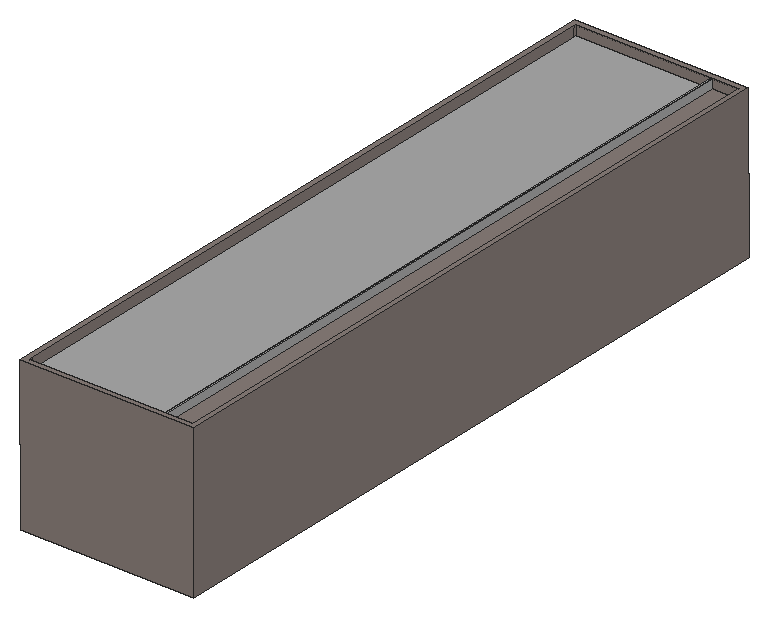
Revit family "TallUnit-40cm-Left-Vitra-MetropoleSeries-58204+58206+61298", category Furniture, host Face, Revit 2017
Family settings
  Host = Face
  OmniClass Number = 23.40.20.00
  OmniClass Title = General Furniture and Specialties
  Cut with Voids When Loaded = No
  Shared = Yes
  Room Calculation Point = No
Parameters (values of type "TallUnit(Left)-40cm-Vitra-MetropoleSeries-58204")
  Youtube = "https://www.youtube.com/user/VitrAglobal"
  Weight Net (kg) = ""
  Warranty Period (Year) = "2"
  Uniformat II Description = "Fixed Furnishings"
  Uniformat II Code = "E2010"
  Uniclass 2015 Name = "Bathroom Cabinets"
  Uniclass 2015 Code = "Pr_40_30_78_03"
  Uniclass 2.0 Description = "Bathroom Cabinets"
  Uniclass 2.0 Code = "PR-35-75-08"
  Uniclass 1.4 Description = "Bathroom Cabinets"
  Uniclass 1.4 Code = "L8241"
  URL = "https://vitraglobal.com/"
  UNSPSC Description = "Bathroom Cabinets"
  UNSPSC Code = "30161801"
  Technical description = "https://www.vitraglobal.com/pdf/58204/"
  Tap hole Options (default) = ""
  Specification = ""
  Secondary Material = Black Acrylic Glass
  Region South America = "All"
  Region Oceania = "All"
  Region North America = "All"
  Region Middle East = "All"
  Region Europe = "All"
  Region Asia = "All"
  Region Antarctica = "All"
  Region Africa = "All"
  Product url = "https://www.vitraglobal.com/bathroom-furniture/tall-units/standard-tall-units/metropole-infinit-tall-unit-sku-58204/"
  Product manual = ""
  Product group = "Bathroom Furniture"
  Product family = "Metropole"
  Product data url = "https://www.bimobject.com/vitra-bathrooms/product/58204-58206-61298"
  Product certification = "https://www.vitraglobal.com/brochures/"
  Product SKU = "58204"
  Product Guid = ""
  Primary Material = Plum Tree
  OmniClass Description = "Bathroom Cabinets"
  OmniClass Code = "23-31 25 13"
  Nominal Width (mm) = 400 mm
  Nominal Height (mm) = 1600 mm
  Nominal Depth (mm) = 350 mm
  NBS Referans Description = "Bathroom Cabinets"
  NBS Referans Code = "35-75-08"
  Mounting type = "Wall-Hung"
  Model = "58204"
  Masterformat 2014 Description = "Bathroom Casework"
  Masterformat 2014 Code = "12 35 30.23"
  Manufacturer name = "VitrA"
  Manufacturer = "Vitra"
  Main Material = "Wood"
  Installation instructions = ""
  IFC Classification = "Furniture"
  EAN code = ""
  Design country = "Turkey"
  Description = "Metropole Tall Unit"
  Default Elevation = 660 mm
  Color = "Plum Tree"
  COBIe Type Category = ""
  Brand = "VitrA"
  BIMobject category = "Storage"
  Article No. (default) = "58204"
  Accessories (default) = ""
Types (3, lengths in mm): name | Technical description | Secondary Material | Product url | Product data url | Product SKU | Primary Material | Model | Color | Article No. (default)
  TallUnit(Left)-40cm-Vitra-MetropoleSeries-58204 | "https://www.vitraglobal.com/pdf/58204/" | Black Acrylic Glass | "https://www.vitraglobal.com/bathroom-furniture/tall-units/standard-tall-units/metropole-infinit-tall-unit-sku-58204/" | "https://www.bimobject.com/vitra-bathrooms/product/58204-58206-61298" | "58204" | Plum Tree | "58204" | "Plum Tree" | "58204"
  TallUnit(Left)-40cm-Vitra-MetropoleSeries-58206 | "https://www.vitraglobal.com/pdf/58206/" | White Acrylic Glass | "https://www.vitraglobal.com/bathroom-furniture/tall-units/standard-tall-units/metropole-infinit-tall-unit-sku-58206/" | "" | "58206" | High Gloss White | "58206" | "High Gloss White" | "58206"
  TallUnit(Left)-40cm-Vitra-MetropoleSeries-61298 | "https://vitraglobal.com/" | White Acrylic Glass | "https://vitraglobal.com/" | "" | "61298" | Silver Oak | "61298" | "Silver Oak" | "61298"
Reference planes
  plane 1 "Center (Front/Back)": y = 0
  plane 2: z = 0
  plane 3 "Center (Left/Right)": x = 0
  plane 4: z = 350
  plane 5: y = 800
  plane 6: y = -800
  plane 7: x = 200
  plane 8: x = -200
Forms (mm)
  Extrusion 1, solid, material "Plum Tree" <- "Primary Material", detail levels medium+fine
    sketch origin (-194, -800, 350) x (0, -1, 0) y (1, 0, 0)
      loop
        line (-1600, -6) -> (0, -6) -> (0, 394) -> (-1600, 394) -> (-1600, 382) -> (-1600, -6)
      loop
        line (-12, 6) -> (-12, 382) -> (-1588, 382) -> (-1588, 6) -> (-1582, 6) -> (-18, 6) -> (-12, 6)
    from 0 to -350
  Extrusion 2, solid, detail levels medium+fine
    sketch origin (0, 0, 0) x (0, 1, 0) y (0, 0, 1)
      loop
        line (-791, 28) -> (-791, 19) -> (791, 19) -> (791, 28) -> (-791, 28)
    from -191 to 191
  Extrusion 3, solid, detail levels medium+fine
    sketch origin (0, 0, 0) x (0, 1, 0) y (0, 0, 1)
      loop
        line (8.003, 312.5) -> (-7.997, 312.5) -> (-7.997, 28) -> (8.003, 28) -> (8.003, 312.5)
    from -182 to 182
  Extrusion 4, solid, detail levels medium+fine
    sketch origin (0, 0, 0) x (0, 1, 0) y (0, 0, 1)
      loop
        line (-520.615, 308.5) -> (-526.615, 308.5) -> (-526.615, 28) -> (-520.615, 28) -> (-520.615, 308.5)
      loop
        line (-262.379, 308.5) -> (-268.379, 308.5) -> (-268.379, 28) -> (-262.379, 28) -> (-262.379, 308.5)
      loop
        line (269, 308) -> (263, 308) -> (263, 28) -> (269, 28) -> (269, 308)
      loop
        line (527, 308.5) -> (521, 308.5) -> (521, 28) -> (527, 28) -> (527, 308.5)
    from -182 to 181
  Extrusion 5, solid, detail levels medium+fine
    sketch origin (0, 0, 0) x (0, 1, 0) y (0, 0, 1)
      loop
        line (10.003, 3) -> (10.003, 19) -> (-69.997, 19) -> (-69.997, 3) -> (10.003, 3)
    from -191 to 191
  Extrusion 6, solid, detail levels medium+fine
    sketch origin (0, 0, 0) x (0, 1, 0) y (0, 0, 1)
      loop
        line (788, 313) -> (782, 313) -> (782, 0) -> (788, 0) -> (788, 313)
    from -181.795 to 181.795
  Extrusion 7, solid, detail levels medium+fine
    sketch origin (0, 0, 0) x (0, 1, 0) y (0, 0, 1)
      loop
        line (-782, 0) -> (-782, 313) -> (-788, 313) -> (-788, 0) -> (-782, 0)
    from -186 to 191
  Extrusion 8, solid, material "Plum Tree" <- "Primary Material", detail levels medium+fine
    sketch origin (0, 0, 0) x (1, 0, 0) y (0, 0, 1)
      loop
        line (128, 329) -> (128, 313) -> (188, 313) -> (188, 329) -> (128, 329)
    from -791 to 782
  Extrusion 9, solid, material "Black Acrylic Glass" <- "Secondary Material", detail levels medium+fine
    sketch origin (0, 0, 0) x (1, 0, 0) y (0, 0, 1)
      loop
        line (-186, 314) -> (126, 314) -> (126, 347)
        arc (126, 347) -> (125.707, 347.707) -> (125, 348) r 1
        line (125, 348) -> (122.3, 348) -> (122.3, 347) -> (124.7, 344) -> (124.7, 333) -> (122.3, 333) -> (122.3, 331.7) -> (124.7, 331.7) -> (124.7, 329) -> (-186, 329) -> (-186, 314)
    from -786 to 786
  Extrusion 10, void
    sketch origin (0, 0, 0) x (1, 0, 0) y (0, 0, 1)
      loop
        arc (129, 329) -> (36.739, 551.739) -> (-186, 644) r 315
        line (-186, 644) -> (-186, 329) -> (129, 329)
    from -788 to 788
  Extrusion 11, solid, detail levels coarse
    sketch origin (0, 0, 0) x (1, 0, 0) y (0, 1, 0)
      loop
        line (200, 800) -> (-200, 800) -> (-200, -800) -> (200, -800) -> (200, 800)
    from 0 to 350
Cuts and joins
  joined: Extrusion 1, Extrusion 8
Dimensions and locks
  "Nominal Depth (mm)": plane 4 to level
  "Nominal Width (mm)": plane 8 to plane 7
  "Nominal Height (mm)": plane 5 to plane 6
  aligned and locked: plane 2 to host face
  aligned and locked: level to host face
Automatic sketch dimensions
  host sketch curve to host sketch curve = 2438.4 mm
  host sketch curve to host sketch curve = 2743.2 mm
  Extrusion 1 sketch curve to Extrusion 1 sketch curve = 6 mm
  Extrusion 1 sketch curve to Extrusion 1 sketch curve = 0 mm
  Extrusion 1 sketch curve to Extrusion 1 sketch curve = 12 mm
  plane 6 to Extrusion 2 sketch curve = 9 mm
  Extrusion 2 sketch curve to plane 5 = 9 mm
  level to Extrusion 2 sketch curve = 19 mm
  Extrusion 2 sketch curve to Extrusion 2 sketch curve = 9 mm
  plane 1 "Center (Front/Back)" to Extrusion 3 sketch curve = 7.997 mm
  Extrusion 3 sketch curve to plane 1 "Center (Front/Back)" = 8.003 mm
  level to Extrusion 3 sketch curve = 28 mm
  Extrusion 3 sketch curve to plane 4 = 37.5 mm
  Extrusion 4 sketch curve to plane 4 = 41.5 mm  (x3)
  plane 6 to Extrusion 4 sketch curve = 273.385 mm
  Extrusion 4 sketch curve to Extrusion 4 sketch curve = 6 mm  (x4)
  level to Extrusion 4 sketch curve = 28 mm  (x4)
  Extrusion 4 sketch curve to Extrusion 4 sketch curve = 252.236 mm
  Extrusion 4 sketch curve to plane 4 = 42 mm
  Extrusion 4 sketch curve to plane 1 "Center (Front/Back)" = 263 mm
  Extrusion 4 sketch curve to Extrusion 4 sketch curve = 252 mm
  level to Extrusion 5 sketch curve = 3 mm
  plane 1 "Center (Front/Back)" to Extrusion 5 sketch curve = 69.997 mm
  Extrusion 5 sketch curve to plane 1 "Center (Front/Back)" = 10.003 mm
  Extrusion 5 sketch curve to Extrusion 5 sketch curve = 16 mm
  Extrusion 6 sketch curve to level = 0 mm
  Extrusion 6 sketch curve to plane 5 = 18 mm
  Extrusion 6 sketch curve to Extrusion 6 sketch curve = 6 mm
  Extrusion 6 sketch curve to plane 4 = 37 mm
  Extrusion 7 sketch curve to level = 0 mm
  plane 6 to Extrusion 7 sketch curve = 12 mm
  Extrusion 7 sketch curve to Extrusion 7 sketch curve = 6 mm
  Extrusion 7 sketch curve to plane 4 = 37 mm
  plane 7 to Extrusion 8 sketch curve = 72 mm
  plane 7 to Extrusion 8 sketch curve = 12 mm
  Extrusion 8 sketch curve to plane 4 = 37 mm
  Extrusion 8 sketch curve to Extrusion 8 sketch curve = 16 mm
  Extrusion 9 sketch curve to plane 8 = 14 mm
  Extrusion 9 sketch curve to plane 4 = 3 mm
  plane 7 to Extrusion 9 sketch curve = 77.7 mm
  Extrusion 9 sketch curve to Extrusion 9 sketch curve = 0 mm  (x3)
  Extrusion 9 sketch curve to Extrusion 9 sketch curve = 2.7 mm  (x2)
  Extrusion 9 sketch curve to Extrusion 9 sketch curve = 2.4 mm
  Extrusion 9 sketch curve to Extrusion 9 sketch curve = 1.3 mm  (x2)
  Extrusion 9 sketch curve to Extrusion 9 sketch curve = 3 mm
  Extrusion 9 sketch curve to Extrusion 9 sketch curve = 11 mm
  Extrusion 9 sketch curve to Extrusion 9 sketch curve = 15 mm
  Extrusion 1 sketch curve to plane 5 = 0 mm
  Extrusion 1 sketch curve to plane 6 = 0 mm
  Extrusion 1 sketch curve to plane 8 = 0 mm
  Extrusion 1 sketch curve to plane 7 = 0 mm
  Extrusion 1 sketch curve to plane 5 = 12 mm
  plane 6 to Extrusion 1 sketch curve = 18 mm
  plane 6 to Extrusion 1 sketch curve = 12 mm
  Extrusion 1 sketch curve to plane 8 = 12 mm
  Extrusion 10 sketch curve to plane 8 = 14 mm
  Extrusion 10 sketch curve to plane 4 = 21 mm
  plane 7 to Extrusion 10 sketch curve = 71 mm
  Extrusion 11 sketch curve to plane 5 = 0 mm
  Extrusion 11 sketch curve to plane 8 = 0 mm
  Extrusion 11 sketch curve to plane 6 = 0 mm
  Extrusion 11 sketch curve to plane 7 = 0 mm
